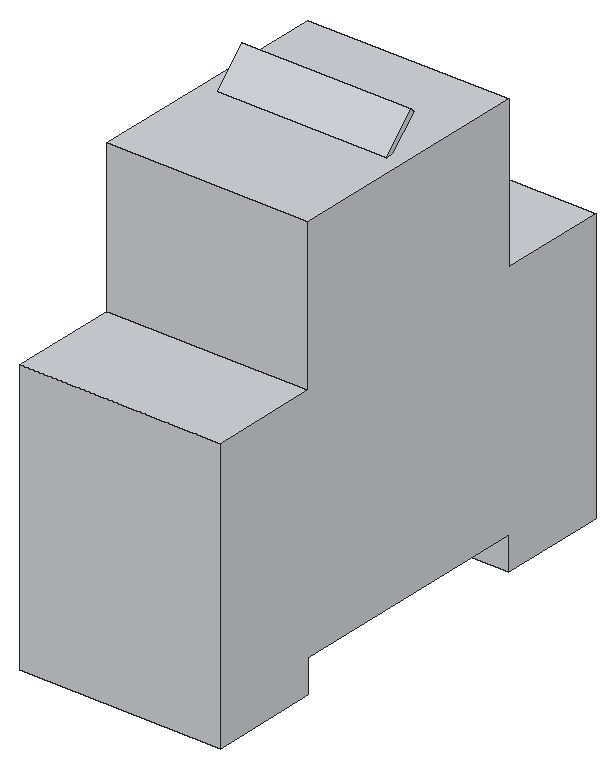
Revit family "Power-ModularDevices-GEWISS-90AM-SWITCH_DISCONNECTOR_2P", category Apparecchi elettrici, host Superficie, Revit 2016
Family settings
  Host = Superficie
  Mantenere orientamento annotazione = Sì
  Tipo di parte = Normale
  Quota connettore circolare = Usa diametro
  Numero OmniClass = 23.80.50.00
  Titolo OmniClass = Terminals for Power Supply
  Taglio con vuoti quando caricato = No
  Condiviso = No
  Punto di calcolo locali = Sì
Parameters (values of type "GW96159 - SWITCH DISCONNECTOR 2P 125A")
  potenza in watt = 0 V
  carico = Altro
  Version file RFA = "18.0"
  URL = "https://www.gewiss.com/ww/en"
  Technical sheet = "https://www.gewiss.com/ww/en/search?q=GW96159"
  Standard = "EN 60947-3"
  Spostamento_x = -340 mm
  SS [instance] = 69.967 mm
  SIMBOLO IN PIANTA [instance] = yes
  SEO = "Disconnector"
  Realized by GEWISS S.p.A. = ""
  Rated voltage AC = "415V"
  Rated voltage = "415Vac"
  Rated current: = "125A"
  Rated current (In) = "125A"
  Default Elevation = 1219.2 mm
  Produttore = "GEWISS S.p.A."
  Numero di poli = 1
  Spost_x_eff [instance] = 4000 mm + Spostamento_x  # 3660 mm
  Number of poles = "2P"
  No. of poles = "2P"
  No. of modules EN 50022 = "2"
  No. Chorus modules = "2"
  Modello = "GW96159"
  Immagine tipo = GW96114.jpg
  IFC.TypeObject = ""
  IFC.ExportType = ""
  IFC.ExportAs = ""
  IDT = "2c0e4de9-973c-44a3-b66b-2ab3e92ec152"
  IDF = "01abd0a7-65c1-45c8-9aa0-f9a4f1632530"
  Electrocod = "1422"
  EAN code = "8011564131682"
  Descrizione = "SWITCH DISCONNECTOR 2P 125A"
  Catalogue Range = "90 AM"
  Catalogue = "POWER"
  COBie.Tagnumber = ""
  COBie.CreatedOn = ""
  COBie.CreatebBy = ""
  COBie.ComponentRegisterItemID = ""
  COBie.Component.TagNumber = ""
  COBie.Component.Space = ""
  COBie.Component.SerialNumber = ""
  COBie.Component.InstallationDate = ""
  COBie.Component.Description = ""
  COBie.Component.BarCode = ""
  Barra_DIN [instance] = 0 mm
Types (7, lengths in mm): name | URL | Technical sheet | Rated voltage | Rated current: | Rated current (In) | Produttore | Modello | IDT | EAN code | Descrizione
  (no name) | 0 | "" | "" | "" | "" | "GEWISS" | "GW96114" | "" | "" | "INTER.MANOVRA - SEZIONATORE 2P 32A"
  GW96159 - SWITCH DISCONNECTOR 2P 125A | "https://www.gewiss.com/ww/en" | "https://www.gewiss.com/ww/en/search?q=GW96159" | "415Vac" | "125A" | "125A" | "GEWISS S.p.A." | "GW96159" | "2c0e4de9-973c-44a3-b66b-2ab3e92ec152" | "8011564131682" | "SWITCH DISCONNECTOR 2P 125A"
  GW96158 - SWITCH DISCONNECTOR 2P 100A | "https://www.gewiss.com/ww/en" | "https://www.gewiss.com/ww/en/search?q=GW96158" | "415V" | "100A" | "100A" | "GEWISS S.p.A." | "GW96158" | "6dac0e3b-a40f-4e24-b8b4-97a7bb8ae6a8" | "8011564131675" | "SWITCH DISCONNECTOR 2P 100A"
  GW96157 - SWITCH DISCONNECTOR 2P 80A | "https://www.gewiss.com/ww/en" | "https://www.gewiss.com/ww/en/search?q=GW96157" | "415Vac" | "80A" | "80A" | "GEWISS S.p.A." | "GW96157" | "3b3373aa-71b5-41ac-b460-163b68962880" | "8011564131668" | "SWITCH DISCONNECTOR 2P 80A"
  GW96156 - SWITCH DISCONNECTOR 2P 63A | "https://www.gewiss.com/ww/en" | "https://www.gewiss.com/ww/en/search?q=GW96156" | "415V" | "63A" | "63A" | "GEWISS S.p.A." | "GW96156" | "ae6d39ec-ad86-43c0-9030-8e818e79ceff" | "8011564131651" | "SWITCH DISCONNECTOR 2P 63A"
  GW96115 - SWITCH DISCONNECTOR 2P 40A | "https://www.gewiss.com/ww/en" | "https://www.gewiss.com/ww/en/search?q=GW96115" | "415Vac" | "40A" | "40A" | "GEWISS S.p.A." | "GW96115" | "50f61e96-5368-43a9-a98a-4b0d5470f270" | "8011564110304" | "SWITCH DISCONNECTOR 2P 40A"
  GW96114 - SWITCH DISCONNECTOR 2P 32A | "https://www.gewiss.com/ww/en" | "https://www.gewiss.com/ww/en/search?q=GW96114" | "415Vac" | "32A" | "32A" | "GEWISS S.p.A." | "GW96114" | "b7bd2b98-4237-4862-9855-a2a9769211f3" | "8011564110298" | "SWITCH DISCONNECTOR 2P 32A"
Values of the unnamed type that differ from the named types
  Version file RFA = ""
  Standard = ""
  SEO = ""
  Rated voltage AC = ""
  Number of poles = ""
  No. of poles = ""
  No. of modules EN 50022 = ""
  No. Chorus modules = ""
  IDF = ""
  Electrocod = ""
  Catalogue Range = ""
  Catalogue = ""
Reference planes
  plane 1 "Centro (Fronte/Retro)": y = 0
  plane 2: z = 0
  plane 3 "Centro (Sinistra/Destra)": x = 0
  plane 4: z = 0
Dimensions and locks
  "Barra_DIN": host face to plane 4
  aligned and locked: plane 2 to host face
  aligned and locked: level to host face
  aligned and locked: plane 3 "Centro (Sinistra/Destra)" to nested 1
  aligned and locked: plane 1 "Centro (Fronte/Retro)" to nested 1
Automatic sketch dimensions
  host sketch curve to host sketch curve = 6519.2 mm
  host sketch curve to host sketch curve = 4328.142 mm
Nested families
  nested 1: "GENERICO - 90AM SEZIONATORI 2P" at (0, 0, 7), type "GENERICO - 90AM SEZIONATORI 2P"
  nested 2: "MANOVRA" at (0, 60.516, 0), visible <- "SIMBOLO IN PIANTA", type "MANOVRA"
Connectors
  electrical at (0, 42, 25.5)
    settings: on nested 1, index 1, voltage 230 V, apparent load 0 VA, apparent load phase1 0 VA, apparent load phase2 0 VA, apparent load phase3 0 VA, power factor 1, load classification "Altro", number of poles 1, system type 31, power factor state 1, is connector primary yes, connector utility no, sub classification motor no, connector description ""
Definition of nested family "GENERICO - 90AM SEZIONATORI 2P"
  Parameters (values of type "GENERICO - 90AM SEZIONATORI 2P")
    h_barra din = if(Altezza barre = 1 mm, 69.9 mm, if(Altezza barre = 2 mm, 115.8 mm, 0 mm))  # 0 mm
    Default Elevation = 1219.2 mm
    H = if(AB_O = 1, AB_V, if(AB_O = 2, AB_H, 50.8 mm))  # 50.8 mm
    FINITURA = none
    Dist barra din = 0 mm  # constant formula
    C1 = 49 mm  # constant formula
    C = 70 mm  # constant formula
    B = 84 mm  # constant formula
    Altezza barre = 5 mm  # constant formula
    AB_V = 3 mm  # constant formula
    AB_H = 5 mm  # constant formula
    AB_O = 0  # constant formula
    A = 36 mm  # constant formula
  Reference planes
    plane 1 "Centro (Fronte/Retro)": y = 0
    plane 2: z = 0
    plane 3 "Centro (Sinistra/Destra)": x = 0
    plane 4: y = -42
    plane 5: y = 42
    plane 6: z = 0
    plane 7: z = -6
    plane 8 "top": z = 70
    plane 9 "incasso": z = 43
    plane 10: y = -22.5
    plane 11: y = 22.5
    plane 12: x = -18
    plane 13: x = 18
    plane 14: through (4267.2, -42.5, 9) normal (0, -0.1901, 0.9818)
    plane 15 "POSIZIONE": z = 70
    plane 16: y = 3.75
    plane 17: y = -3.75
    plane 18: through (-18, -1524, 18.5) normal (-0.891, 0, -0.454)
    plane 19: through (-36.892, 84.001, 1200) normal (0.9205, -0.3907, 0)
    plane 20: through (63.319, -123.627, 1200) normal (-0.9925, 0.1219, 0)
    plane 21: x = -8.777
    plane 22: z = 65
    plane 23: x = -1.458
    plane 24: x = 1.458
    plane 25: x = -15.109
    plane 26: x = 15.109
    plane 27: x = 9.109
  Forms (mm)
    Extrusion 1, solid, material <- "FINITURA"
      sketch origin (0, 0, 0) x (0, 1, 0) y (0, 0, 1)
        loop
          line (-22.5, 0) -> (22.5, 0) -> (22.5, -6) -> (42, -6) -> (42, 43) -> (22.5, 43) -> (22.5, 70) -> (-22.5, 70) -> (-22.5, 43) -> (-42, 43) -> (-42, -6) -> (-22.5, -6) -> (-22.5, 0)
      from -18 to 18
    Extrusion 2, solid
      sketch origin (0, 0, 0) x (0, 1, 0) y (0, 0, 1)
        loop
          line (0, 70) -> (4.778, 74.778) -> (4.175, 75.38) -> (-1.206, 70) -> (0, 70)
      from 15.109 to -15.109
  Lines and regions (mm)
    symbolic lines
      curve 1: line (0, 0, 15) -> (0, 0, -6)
      curve 2: line (0, -22.5, 0) -> (0, 22.5, 0)
    model lines
      curve 3: line (-18, 42, 43) -> (-18, 22.5, 43)
      curve 4: line (18, 42, 43) -> (18, 22.5, 43)
      curve 5: circle (-10.123, 33.391, 43) r 2.61 normal (0, 0, 1)
      curve 6: circle (7.877, 33.391, 43) r 2.499 normal (0, 0, 1)
      curve 7: circle (7.877, -33.109, 43) r 2.533 normal (0, 0, 1)
      curve 8: circle (-10.123, -33.109, 43) r 2.711 normal (0, 0, 1)
      curve 9: line (12.538, -13.456, 70) -> (12.538, -15.331, 70)
      curve 10: line (12.538, -15.331, 70) -> (16.288, -15.331, 70)
      curve 11: line (16.288, -15.331, 70) -> (16.288, -13.456, 70)
      curve 12: line (16.288, -13.456, 70) -> (12.538, -13.456, 70)
      curve 13: line (-5.462, -13.456, 70) -> (-5.462, -15.331, 70)
      curve 14: line (-5.462, -15.331, 70) -> (-1.712, -15.331, 70)
      curve 15: line (-1.712, -15.331, 70) -> (-1.712, -13.456, 70)
      curve 16: line (-1.712, -13.456, 70) -> (-5.462, -13.456, 70)
      curve 17: line (15.405, -8.557, 70) -> (15.405, 1.199, 70)
      curve 18: line (-2.595, -8.557, 70) -> (-2.595, 1.199, 70)
      curve 19: line (2.642, -8.557, 70) -> (2.642, 1.199, 70)
      curve 20: line (-15.358, -8.557, 70) -> (-15.358, 1.199, 70)
      curve 21: line (-12.473, 10.699, 70) -> (-17.749, 8.506, 70)
      curve 22: line (-17.749, 1.199, 70) -> (17.796, 1.199, 70)
      curve 23: line (17.796, 8.506, 70) -> (12.52, 10.699, 70)
      curve 24: line (-18, -8.557, 70) -> (18, -8.557, 70)
      curve 110: line (-18, 10.699, 70) -> (18, 10.699, 70)
    model lines, detail levels fine
      curve 25: line (-14.074, -19.828, 70) -> (-14.074, -21.844, 70)
      curve 26: line (-14.074, -21.844, 70) -> (-14.749, -21.844, 70)
      curve 27: line (-14.749, -21.844, 70) -> (-15.141, -21.795, 70)
      curve 28: line (-15.141, -21.795, 70) -> (-15.62, -21.583, 70)
      curve 29: line (-15.62, -21.583, 70) -> (-16.001, -21.229, 70)
      curve 30: line (-16.001, -21.229, 70) -> (-16.253, -20.753, 70)
      curve 31: line (-16.253, -20.753, 70) -> (-16.331, -20.247, 70)
      curve 32: line (-16.331, -20.247, 70) -> (-16.255, -19.779, 70)
      curve 33: line (-16.255, -19.779, 70) -> (-16.053, -19.367, 70)
      curve 34: line (-16.053, -19.367, 70) -> (-15.689, -18.991, 70)
      curve 35: line (-15.689, -18.991, 70) -> (-15.25, -18.762, 70)
      curve 36: line (-15.25, -18.762, 70) -> (-14.756, -18.681, 70)
      curve 37: line (-14.756, -18.681, 70) -> (-14.074, -18.681, 70)
      curve 38: line (-14.074, -18.681, 70) -> (-14.074, -19.55, 70)
      curve 39: line (-14.074, -19.55, 70) -> (-15.221, -19.55, 70)
      curve 40: line (-15.221, -19.55, 70) -> (-15.221, -20.975, 70)
      curve 41: line (-15.221, -20.975, 70) -> (-14.942, -20.975, 70)
      curve 42: line (-14.942, -20.975, 70) -> (-14.942, -19.828, 70)
      curve 43: line (-14.942, -19.828, 70) -> (-14.074, -19.828, 70)
      curve 44: line (-11.345, -21.844, 70) -> (-13.796, -21.844, 70)
      curve 45: line (-13.796, -21.844, 70) -> (-13.796, -18.681, 70)
      curve 46: line (-13.796, -18.681, 70) -> (-12.492, -18.681, 70)
      curve 47: line (-12.492, -18.681, 70) -> (-12.492, -19.55, 70)
      curve 48: line (-12.492, -19.55, 70) -> (-12.927, -19.55, 70)
      curve 49: line (-12.927, -19.55, 70) -> (-12.927, -19.828, 70)
      curve 50: line (-12.927, -19.828, 70) -> (-11.345, -19.828, 70)
      curve 51: line (-11.345, -19.828, 70) -> (-11.345, -20.697, 70)
      curve 52: line (-11.345, -20.697, 70) -> (-12.927, -20.697, 70)
      curve 53: line (-12.927, -20.697, 70) -> (-12.927, -20.975, 70)
      curve 54: line (-12.927, -20.975, 70) -> (-11.345, -20.975, 70)
      curve 55: line (-11.345, -20.975, 70) -> (-11.345, -21.844, 70)
      curve 56: line (-6.914, -21.844, 70) -> (-6.914, -19.828, 70)
      curve 57: line (-6.914, -19.828, 70) -> (-7.783, -19.828, 70)
      curve 58: line (-7.783, -19.828, 70) -> (-7.783, -21.844, 70)
      curve 59: line (-7.783, -21.844, 70) -> (-6.914, -21.844, 70)
      curve 60: line (-9.825, -21.844, 70) -> (-9.564, -20.54, 70)
      curve 61: line (-9.564, -20.54, 70) -> (-9.303, -21.844, 70)
      curve 62: line (-9.303, -21.844, 70) -> (-8.434, -21.844, 70)
      curve 63: line (-8.434, -21.844, 70) -> (-7.896, -19.55, 70)
      curve 64: line (-7.896, -19.55, 70) -> (-6.914, -19.55, 70)
      curve 65: line (-6.914, -19.55, 70) -> (-6.914, -18.681, 70)
      curve 66: line (-6.914, -18.681, 70) -> (-8.582, -18.681, 70)
      curve 67: line (-8.582, -18.681, 70) -> (-8.895, -20.019, 70)
      curve 68: line (-8.895, -20.019, 70) -> (-9.112, -18.681, 70)
      curve 69: line (-9.112, -18.681, 70) -> (-10.016, -18.681, 70)
      curve 70: line (-10.016, -18.681, 70) -> (-10.233, -20.019, 70)
      curve 71: line (-10.233, -20.019, 70) -> (-10.546, -18.681, 70)
      curve 72: line (-10.546, -18.681, 70) -> (-12.214, -18.681, 70)
      curve 73: line (-12.214, -18.681, 70) -> (-12.214, -19.55, 70)
      curve 74: line (-12.214, -19.55, 70) -> (-11.232, -19.55, 70)
      curve 75: line (-11.232, -19.55, 70) -> (-10.695, -21.844, 70)
      curve 76: line (-10.695, -21.844, 70) -> (-9.825, -21.844, 70)
      curve 77: line (-4.185, -18.681, 70) -> (-6.636, -18.681, 70)
      curve 78: line (-6.636, -18.681, 70) -> (-6.636, -20.697, 70)
      curve 79: line (-6.636, -20.697, 70) -> (-5.054, -20.697, 70)
      curve 80: line (-5.054, -20.697, 70) -> (-5.054, -20.975, 70)
      curve 81: line (-5.054, -20.975, 70) -> (-6.636, -20.975, 70)
      curve 82: line (-6.636, -20.975, 70) -> (-6.636, -21.844, 70)
      curve 83: line (-6.636, -21.844, 70) -> (-4.185, -21.844, 70)
      curve 84: line (-4.185, -21.844, 70) -> (-4.185, -19.828, 70)
      curve 85: line (-4.185, -19.828, 70) -> (-5.767, -19.828, 70)
      curve 86: line (-5.767, -19.828, 70) -> (-5.767, -19.55, 70)
      curve 87: line (-5.767, -19.55, 70) -> (-4.185, -19.55, 70)
      curve 88: line (-4.185, -19.55, 70) -> (-4.185, -18.681, 70)
      curve 89: line (-3.907, -18.681, 70) -> (-3.907, -20.697, 70)
      curve 90: line (-3.907, -20.697, 70) -> (-2.432, -20.697, 70)
      curve 91: line (-2.432, -20.697, 70) -> (-2.432, -20.975, 70)
      curve 92: line (-2.432, -20.975, 70) -> (-3.907, -20.975, 70)
      curve 93: line (-3.907, -20.975, 70) -> (-3.907, -21.844, 70)
      curve 94: line (-3.907, -21.844, 70) -> (-3.038, -21.844, 70)
      curve 95: line (-3.038, -21.844, 70) -> (-2.536, -21.683, 70)
      curve 96: line (-2.536, -21.683, 70) -> (-2.212, -21.472, 70)
      curve 97: line (-2.212, -21.472, 70) -> (-1.842, -21.017, 70)
      curve 98: line (-1.842, -21.017, 70) -> (-1.669, -20.506, 70)
      curve 99: line (-1.669, -20.506, 70) -> (-1.664, -20.053, 70)
      curve 100: line (-1.664, -20.053, 70) -> (-1.711, -19.828, 70)
      curve 101: line (-1.711, -19.828, 70) -> (-3.038, -19.828, 70)
      curve 102: line (-3.038, -19.828, 70) -> (-3.038, -19.55, 70)
      curve 103: line (-3.038, -19.55, 70) -> (-1.83, -19.55, 70)
      curve 104: line (-1.83, -19.55, 70) -> (-1.987, -19.287, 70)
      curve 105: line (-1.987, -19.287, 70) -> (-2.213, -19.053, 70)
      curve 106: line (-2.213, -19.053, 70) -> (-2.527, -18.847, 70)
      curve 107: line (-2.527, -18.847, 70) -> (-2.856, -18.726, 70)
      curve 108: line (-2.856, -18.726, 70) -> (-3.225, -18.681, 70)
      curve 109: line (-3.225, -18.681, 70) -> (-3.907, -18.681, 70)
  Text (mm)
    text "AB_V" at (0, 50.868, 44.72), in view "Destra"
    text "AB_O" at (0, -80.659, 111.963), in view "Destra"
    text "AB_O" at (-90.351, 0, 31.414), in view "Anteriore"
    text "AB_V=0" at (25.467, -49.469, 0), in view "Livello rif."
  Dimensions and locks
    equal spacing: plane 4, plane 1 "Centro (Fronte/Retro)", plane 5
    "B": plane 4 to plane 5
    "Dist barra din": plane 6 to level
    locked: plane 6 to plane 7 at 6
    "C": plane 15 "POSIZIONE" to plane 6
    equal spacing: plane 10, plane 1 "Centro (Fronte/Retro)", plane 11
    plane 10 to plane 11 = 45 mm
    equal spacing: plane 12, plane 3 "Centro (Sinistra/Destra)", plane 13
    "A": plane 12 to plane 13
    "C1": plane 9 "incasso" to plane 7
    plane 12 to plane 13 = 36 mm
    equal spacing: plane 17, plane 1 "Centro (Fronte/Retro)", plane 16
    plane 17 to plane 16 = 7.5 mm
    locked: plane 15 "POSIZIONE" to plane 22 at 5
    locked: plane 12 to plane 25 at 2.891
    locked: plane 26 to plane 13 at 2.891
    plane 25 to plane 21 = 6.332 mm
    plane 27 to plane 26 = 6 mm
    angle level to plane 14 = 10.9557°
    angle plane 4 to plane 8 "top" = 90.00°
    angle plane 15 "POSIZIONE" to plane 13 = 90.00°
    angle plane 7 to plane 18 = 117.00°
    angle plane 19 to plane 20 = 16.00°
    angle plane 20 to plane 13 = 7.00°
    aligned and locked: level to plane 2
    aligned and locked: Extrusion 1 sketch curve to plane 6
    aligned and locked: Extrusion 1 sketch curve to plane 7
    aligned and locked: Extrusion 1 sketch curve to plane 4
    aligned and locked: Extrusion 1 sketch curve to plane 9 "incasso"  (x2)
    aligned and locked: Extrusion 1 sketch curve to plane 11  (x2)
    aligned and locked: Extrusion 1 sketch curve to plane 5
    aligned and locked: Extrusion 1 sketch curve to plane 10  (x2)
    aligned and locked: plane 1 "Centro (Fronte/Retro)" to curve 1
    aligned and locked: Extrusion 1 to plane 6
    aligned and locked: Extrusion 1 to plane 12
    aligned and locked: plane 13 to Extrusion 1
    aligned and locked: plane 15 "POSIZIONE" to Extrusion 1 sketch curve
  Automatic sketch dimensions
    curve 2 to level = 0 mm
    curve 2 to plane 10 = 0 mm
    curve 2 to plane 11 = 0 mm
    curve 1 to plane 7 = 0 mm
    level to curve 1 = 15 mm
    Extrusion 1 sketch curve to plane 7 = 0 mm
    Extrusion 2 sketch curve to plane 8 "top" = 0 mm
    Extrusion 2 sketch curve to plane 1 "Centro (Fronte/Retro)" = 0 mm
    plane 1 "Centro (Fronte/Retro)" to Extrusion 2 sketch curve = 1.206 mm
    Extrusion 2 sketch curve to plane 16 = 0.425 mm
    Extrusion 2 sketch curve to Extrusion 2 sketch curve = 0.603 mm
    curve 4 to plane 5 = 0 mm
    curve 3 to plane 5 = 0 mm
    curve 3 to plane 11 = 0 mm
    curve 4 to plane 11 = 0 mm
    curve 3 to plane 12 = 0 mm
    curve 4 to plane 13 = 0 mm
    plane 27 to curve 6 = 1.232 mm
    plane 27 to curve 7 = 1.232 mm
    curve 5 to plane 21 = 1.346 mm
    curve 8 to plane 21 = 1.346 mm
    plane 4 to curve 8 = 8.891 mm
    plane 4 to curve 7 = 8.891 mm
    curve 5 to plane 5 = 8.609 mm
    curve 6 to plane 5 = 8.609 mm
    curve 21 to plane 16 = 4.756 mm
    curve 110 to curve 21 = 0.251 mm
    plane 10 to curve 32 = 2.253 mm
    plane 10 to curve 33 = 2.721 mm
    curve 31 to curve 33 = 0.076 mm
    plane 10 to curve 30 = 1.747 mm
    curve 31 to curve 30 = 0.078 mm
    plane 10 to curve 33 = 3.133 mm
    curve 32 to curve 33 = 0.202 mm
    plane 10 to curve 30 = 1.271 mm
    curve 30 to curve 30 = 0.252 mm
    plane 10 to curve 34 = 3.509 mm
    curve 33 to curve 34 = 0.363 mm
    plane 10 to curve 29 = 0.917 mm
    curve 29 to curve 29 = 0.381 mm
    plane 10 to curve 35 = 3.738 mm
    curve 34 to curve 35 = 0.439 mm
    curve 28 to curve 41 = 0.399 mm
    plane 10 to curve 28 = 0.705 mm
    curve 28 to curve 28 = 0.479 mm
    curve 39 to curve 43 = 0.279 mm
    curve 35 to curve 37 = 0.494 mm
    curve 27 to curve 26 = 0.392 mm
    curve 42 to curve 25 = 0.868 mm
    curve 36 to curve 37 = 0.682 mm
    curve 37 to curve 46 = 0.278 mm
    curve 25 to curve 50 = 1.147 mm
    curve 49 to curve 53 = 0.001 mm
    curve 48 to curve 46 = 0.435 mm
    curve 47 to curve 72 = 0.278 mm
    curve 73 to curve 51 = 0.869 mm
    curve 51 to curve 55 = 0 mm
    curve 50 to curve 74 = 0.113 mm
    plane 10 to curve 75 = 0.656 mm
    curve 44 to curve 75 = 0.651 mm
    curve 74 to curve 72 = 0.686 mm
    plane 10 to curve 71 = 2.481 mm
    curve 74 to curve 71 = 0.999 mm
    curve 71 to curve 69 = 0.53 mm
    curve 76 to curve 60 = 0.87 mm
    plane 10 to curve 60 = 1.96 mm
    curve 70 to curve 60 = 0.669 mm
    curve 76 to curve 62 = 0.521 mm
    curve 69 to curve 69 = 0.904 mm
    plane 10 to curve 68 = 2.481 mm
    curve 60 to curve 68 = 0.669 mm
    curve 69 to curve 66 = 0.53 mm
    curve 61 to curve 62 = 0.869 mm
    plane 10 to curve 63 = 2.95 mm
    curve 67 to curve 63 = 0.999 mm
    curve 63 to curve 57 = 0.113 mm
    curve 57 to curve 56 = 0.869 mm
    curve 64 to curve 56 = 0 mm
    curve 56 to curve 82 = 0.278 mm
    curve 65 to curve 78 = 0.278 mm
    curve 56 to curve 86 = 1.147 mm
    curve 78 to curve 14 = 1.174 mm
    curve 85 to curve 80 = 0.713 mm
    curve 79 to curve 88 = 0.869 mm
    curve 85 to curve 87 = 0 mm
    curve 83 to curve 93 = 0.278 mm
    curve 77 to curve 89 = 0.278 mm
    curve 109 to curve 109 = 0.682 mm
    curve 84 to curve 102 = 1.147 mm
    plane 10 to curve 95 = 0.656 mm
    curve 93 to curve 95 = 0.869 mm
    plane 10 to curve 107 = 3.774 mm
    curve 108 to curve 107 = 0.369 mm
    plane 10 to curve 95 = 0.817 mm
    curve 94 to curve 95 = 0.502 mm
    plane 10 to curve 107 = 3.653 mm
    curve 107 to curve 107 = 0.329 mm
    curve 95 to curve 90 = 0.104 mm
    plane 10 to curve 106 = 3.447 mm
    curve 106 to curve 106 = 0.315 mm
    plane 10 to curve 96 = 1.028 mm
    curve 95 to curve 96 = 0.324 mm
    plane 10 to curve 105 = 3.213 mm
    curve 105 to curve 105 = 0.226 mm
    plane 10 to curve 97 = 1.483 mm
    curve 96 to curve 97 = 0.371 mm
    plane 10 to curve 104 = 2.95 mm
    curve 104 to curve 104 = 0.157 mm
    curve 13 to curve 16 = 3.75 mm
    plane 10 to curve 100 = 2.672 mm
    curve 103 to curve 100 = 0.118 mm
    plane 10 to curve 99 = 1.994 mm
    curve 97 to curve 99 = 0.172 mm
    plane 10 to curve 99 = 2.447 mm
    curve 100 to curve 99 = 0.047 mm
    curve 14 to curve 10 = 14.25 mm
    curve 9 to curve 11 = 3.75 mm
    plane 10 to curve 83 = 0.656 mm
    curve 56 to curve 82 = 0 mm
    curve 76 to curve 61 = 0 mm
    plane 10 to curve 45 = 0.656 mm
    curve 26 to curve 27 = 0.049 mm
    curve 27 to curve 41 = 0.82 mm
    curve 84 to curve 80 = 0.869 mm
    curve 93 to curve 93 = 0.869 mm
    curve 44 to curve 55 = 0.869 mm
    curve 54 to curve 51 = 0.278 mm
    curve 91 to curve 91 = 0.278 mm
    curve 81 to curve 78 = 0.278 mm
    curve 43 to curve 35 = 1.066 mm
    curve 79 to curve 85 = 0.869 mm
    curve 56 to curve 64 = 0.278 mm
    curve 51 to curve 51 = 0.869 mm
    curve 50 to curve 75 = 0.278 mm
    curve 42 to curve 40 = 0.278 mm
    curve 84 to curve 88 = 0.278 mm
    curve 73 to curve 48 = 0 mm
    curve 64 to curve 65 = 0.869 mm
    curve 68 to curve 66 = 0 mm
    curve 87 to curve 89 = 0.869 mm
    curve 38 to curve 45 = 0.869 mm
    curve 71 to curve 69 = 0 mm
    curve 35 to curve 36 = 0.081 mm
    curve 65 to curve 78 = 0 mm
    curve 107 to curve 15 = 3.395 mm
    plane 10 to curve 9 = 7.169 mm
    curve 10 to curve 12 = 1.875 mm
    curve 13 to curve 13 = 1.875 mm
    curve 24 to curve 20 = 2.642 mm
    curve 21 to plane 16 = 6.949 mm
    curve 110 to curve 21 = 5.527 mm
    curve 18 to curve 19 = 5.236 mm
    curve 23 to curve 110 = 5.48 mm
    curve 22 to plane 13 = 35.749 mm
    curve 31 to curve 20 = 0.972 mm
    curve 18 to plane 23 = 1.137 mm
    curve 24 to plane 13 = 0 mm
    curve 17 to plane 26 = 0.296 mm
    plane 17 to curve 18 = 4.807 mm
    curve 110 to plane 12 = 0 mm
    curve 24 to plane 12 = 0 mm
    curve 110 to plane 13 = 0 mm
    curve 23 to plane 13 = 0.204 mm
    curve 22 to plane 13 = 0.204 mm
    curve 22 to plane 1 "Centro (Fronte/Retro)" = 1.199 mm
    curve 23 to curve 110 = 2.193 mm
    radius of curve 5 = 2.61 mm
    radius of curve 6 = 2.499 mm
    radius of curve 7 = 2.533 mm
    radius of curve 8 = 2.711 mm
Definition of nested family "MANOVRA"
  Reference planes
    plane 1: y = 0
    plane 2: x = 0
  Lines and regions (mm)
    detail lines, not visible
      curve 1: line (0, 0, 0) -> (-0.001, 3.334, 0)
      curve 2: line (0.277, 3.334, 0) -> (-0.278, 3.334, 0)
      curve 3: line (-0.278, 3.334, 0) -> (-0.001, 4.223, 0)
      curve 4: line (-0.001, 4.223, 0) -> (0.277, 3.334, 0)
      curve 5: line (0.277, 3.334, 0) -> (-0.001, 4.223, 0)
      curve 6: line (-0.001, 4.223, 0) -> (-0.278, 3.334, 0)
      curve 7: line (-0.278, 3.334, 0) -> (0.277, 3.334, 0)
      curve 8: line (0.277, 3.334, 0) -> (-0.001, 4.223, 0)
      curve 9: line (-0.001, 4.223, 0) -> (-0.278, 3.334, 0)
      curve 10: line (-0.445, 4.612, 0) -> (0.444, 4.612, 0)
      curve 11: line (0.444, 4.612, 0) -> (0.444, 2.39, 0)
      curve 12: line (0.444, 2.39, 0) -> (-0.445, 2.389, 0)
      curve 13: line (-0.445, 2.389, 0) -> (-0.445, 4.612, 0)
      curve 18: line (5.101, 5.36, 0) -> (5.101, 6.027, 0)
      curve 19: line (4.934, 5.36, 0) -> (5.268, 5.36, 0)
      curve 20: line (4.545, 5.249, 0) -> (5.101, 4.082, 0)
      curve 21: line (5.101, 4.082, 0) -> (5.101, 1.026, 0)
    detail lines
      curve 14: line (0, 4.334, 0) -> (0, 5.001, 0)
      curve 15: line (-0.167, 4.334, 0) -> (0.167, 4.334, 0)
      curve 16: line (-0.556, 4.223, 0) -> (0, 3.056, 0)
      curve 17: line (0, 3.056, 0) -> (0, 0, 0)
  Dimensions and locks
    aligned and locked: plane 1 to curve 17
    aligned and locked: curve 17 to plane 2
